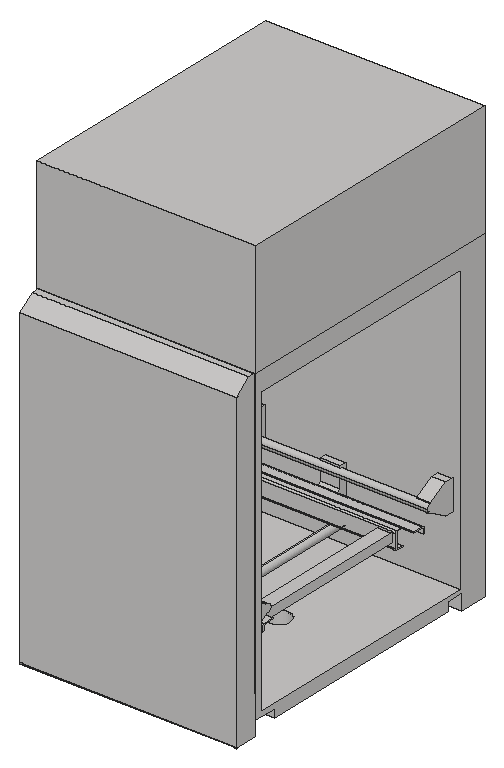
Revit family "QF_ELECTROLUXPROFESSIONAL_535135_NMHABDR5M", category Specialty Equipment, Revit 2023
Family settings
  Round Connector Dimension = Use Diameter
  Part Type = Normal
  Work Plane-Based = No
  Enable Cutting in Views = No
  Always vertical = Yes
  Cut with Voids When Loaded = No
  Maintain Annotation Orientation = No
  Shared = No
  Room Calculation Point = No
Parameters (values of type "NMHDRE56")
  Weight = 52.00 kg
  Watts = 0 W
  Volts = 400 V
  URL Manufacturer = "http://www.electroluxprofessional.com"
  URL = "http://www.electroluxprofessional.com"
  Steam Supply Size = 0 mm
  Steam Supply Minimum Pressure = 0.0 Pa
  Steam Supply Maximum Pressure = 0.0 Pa
  Steam Pounds per Hour = 0
  Show Logo [instance] = yes
  Refrigeration Suction Line Size = 0 mm
  Refrigeration Liquid Line Size = 0 mm
  Refrigerant Compressor Remote = yes
  Manufacturer = "Electrolux Professional"
  Phase = 3
  Model = "NMHABDR5M"
  Length Actual = 560 mm
  Show Clearance [instance] = yes
  Item Number = "535135"
  Hot Water Size = 0 mm
  Height Actual = 1130 mm
  HP = "5.9 HP"
  Gas Size = 0 mm
  Gas KW = 0
  Gas Input Pressure = 0 W
  Direct Waste Size = 50 mm
  Description = "MEDIUM DRYER WITHOUT DOOR (HAB), DUAL RINSE RT, ELECTRIC, 400V/ 3/ 50Hz-MARINE"
  Depth Actual = 795 mm
  Default Elevation = 0 mm
  Cycle = 50 Hz
  Condensate Return Size = 0 mm
  Compressed Air Volume = 0.0 L/s
  Compressed Air Size = 0 mm
  Compressed Air Pressure = 0.0 Pa
  Cold Water Size = 0 mm
  Accessory = no
Types (3): name
  (no name)
  NMHDRE56
  Standard
Reference planes
  plane 1 "Center X": y = -10.242
  plane 2: z = 0
  plane 3 "LEFT": x = -383.563
  plane 4 "RIGHT": x = 176.437
  plane 5 "BACK": y = 388.258
  plane 6 "FEET": z = 150
  plane 7: z = 2095
  plane 8 "BASE": z = 187
  plane 9 "TOP": z = 1785
  plane 10 "FRONT": y = -408.742
  plane 11: y = 311.258
  plane 12 "Medium": z = 775
  plane 13 "DrainX": x = -35.563
Forms (mm)
  Extrusion 1, solid, material "QF_Finishes_Stainless Steel"
    sketch origin (176.437, 479.936, 4000) x (0, 1, 0) y (0, 0, 1)
      loop
        line (-96.678, -2215) -> (-828.678, -2215) -> (-828.678, -2507) -> (-96.678, -2507) -> (-96.678, -2215)
    from -560 to 0
  Extrusion 2, solid, material "QF_Finishes_Stainless Steel"
    sketch origin (-383.563, 437.565, 4000) x (0, 1, 0) y (0, 0, 1)
      loop
        line (-54.307, -2507) -> (-786.307, -2507) -> (-786.307, -3300) -> (-727.307, -3300) -> (-727.307, -3322) -> (-171.307, -3322) -> (-171.307, -3300) -> (-126.307, -3300) -> (-126.307, -3340) -> (-54.307, -3340) -> (-54.307, -2507)
      loop
        line (-129.307, -2557) -> (-769.307, -2557) -> (-769.307, -3290) -> (-129.307, -3290) -> (-129.307, -2557)
    from 560 to 0
  Revolve 3, solid, material "QF_Finishes_Stainless Steel"
    sketch origin (-35.563, 0, 0) x (0, -1, 0) y (0, 0, 1)
      loop
        line (35.242, 613) -> (35.242, 633) -> (40.242, 633) -> (40.242, 663) -> (47.242, 663) -> (47.242, 678) -> (30.242, 678) -> (30.242, 613) -> (35.242, 613)
      axis (10.242, 613) -> (10.242, 678)
    angle from 0 to 360
  Extrusion 4, void
    sketch origin (0, 0, 775) x (-1, 0, 0) y (0, -1, 0)
      loop
        circle (36.563, 10.242) r 30
    from 0 to -97
  Extrusion 5, solid, material "QF_Clearance", detail levels coarse
    sketch origin (516.437, -74.242, 0) x (1, 0, 0) y (0, 1, 0)
      loop
        line (-900, 462.5) -> (-340, 462.5) -> (-340, 512.5) -> (-900, 512.5) -> (-900, 462.5)
    from 659 to 1785
Cuts and joins
  Extrusion 4 cuts Extrusion 2
Lines and regions (mm)
  symbolic lines
    curve 1: line (-383.563, 383.258, 0) -> (176.437, 383.258, 0)
    curve 2: line (-383.563, -348.742, 0) -> (-383.563, 383.258, 0)
    curve 3: line (176.437, -348.742, 0) -> (-383.563, -348.742, 0)
    curve 4: line (176.437, 383.258, 0) -> (176.437, -348.742, 0)
    curve 7: line (-383.563, 383.258, 0) -> (177.437, -348.742, 0)
    curve 8: line (-383.563, -10.242, 0) -> (-358.563, -10.242, 0)
    curve 9: line (176.437, -10.242, 0) -> (151.437, -10.242, 0)
  symbolic lines, style "SpecialityEquipment"
    curve 5: line (176.437, -281.742, 0) -> (-383.563, -281.742, 0)
    curve 6: line (-383.563, 308.258, 0) -> (176.437, 308.258, 0)
  symbolic lines, style "QF_Clearances"
    curve 10: line (-383.563, 438.258, 0) -> (176.437, 438.258, 0)
Dimensions and locks
  plane 3 "LEFT" to plane 4 "RIGHT" = 560 mm
  plane 5 "BACK" to plane 1 "Center X" to plane 10 "FRONT" = 398.5 mm, 398.5 mm
  plane 6 "FEET" to level = 150 mm
  plane 6 "FEET" to plane 9 "TOP" = 1635 mm
  plane 5 "BACK" to plane 10 "FRONT" = 797 mm  (x2)
  plane 4 "RIGHT" to plane 3 "LEFT" = 560 mm
  nested 1 to nested 2 to nested 2 = 732 mm, 60 mm
  plane 12 "Medium" to level = 775 mm
  plane 3 "LEFT" to plane 13 "DrainX" = 348 mm
  aligned and locked: level to plane 2
Nested families
  nested 1: "Basket_Guide+Wash_Arm_22''" at (-514, 0, 0), type "Basket_Guide+Wash_Arm_22''"
  nested 2: "DoorHDryer_22''" at (-453, 0, 0), Show Clearance <- "Show Clearance", type "DoorHDryer_22''"
Connectors
  piping at (-35.563, -10.242, 613), diameter 50
    settings: on Revolve 3, index 1, connector inside diameter 609.6 mm, connector length 0 mm, flow factor 0, pipe flow 0.0 L/s, pressure drop 0.0 Pa, fitting loss kfactor 0, connector angle 0.00°, fixture units 0, engagement length 0 mm, angle of deflection 0.00°, flow configuration 1, flow direction 2, fitting loss method 0, system type 16, joint type 0, gender type 0, connector reference index -1, connector utility 0, adjustable connector no, is connector primary yes, connector description "DRAIN"
Definition of nested family "Basket_Guide+Wash_Arm_22''"
  Parameters
    Default Elevation = 0 mm
  Reference planes
    plane 1: z = 0
    plane 2 "Center Y": x = 409.437
    plane 3 "LEFT": x = 130.437
    plane 4 "BACK": y = 383.258
    plane 5 "FRONT": y = -408.742
    plane 6: z = 150
    plane 7 "TOP": z = 1785
    plane 8: z = 875
    plane 9 "RIGHT": x = 688.437
  Forms (mm)
    Extrusion 1, solid
      sketch origin (243.437, -18.984, 0) x (0, -1, 0) y (0, 0, 1)
        loop
          line (264.703, 929.245) -> (264.703, 907.554) -> (312.758, 879.81) -> (312.758, 956.99) -> (264.703, 929.245)
        loop
          line (-259.187, 929.245) -> (-307.242, 956.99) -> (-327.242, 956.99) -> (-327.242, 879.81) -> (-307.242, 879.81) -> (-259.187, 907.554) -> (-259.187, 929.245)
      from -424 to -388
    Extrusion 2, solid
      sketch origin (293.437, -18.984, 0) x (0, -1, 0) y (0, 0, 1)
        loop
          circle (264.703, 918.4) r 10
        loop
          circle (-259.187, 918.4) r 10
      from -374 to 142
    Extrusion 3, solid
      sketch origin (293.437, -18.984, 0) x (0, -1, 0) y (0, 0, 1)
        loop
          line (-252.564, 858) -> (-252.564, 870.68)
          arc (-252.564, 870.68) -> (-251.884, 872.32) -> (-250.244, 873) r 2.32
          line (-250.244, 873) -> (-222.564, 873) -> (-222.564, 875) -> (-250.244, 875)
          arc (-250.244, 875) -> (-253.299, 873.735) -> (-254.564, 870.68) r 4.32
          line (-254.564, 870.68) -> (-254.564, 858) -> (-252.564, 858)
        loop
          line (258.08, 858) -> (260.08, 858) -> (260.08, 870.68)
          arc (260.08, 870.68) -> (258.815, 873.735) -> (255.76, 875) r 4.32
          line (255.76, 875) -> (228.08, 875) -> (228.08, 873) -> (255.76, 873)
          arc (255.76, 873) -> (257.401, 872.32) -> (258.08, 870.68) r 2.32
          line (258.08, 870.68) -> (258.08, 858)
      from -360 to 128
    Extrusion 4, solid
      sketch origin (293.437, -18.984, 0) x (0, -1, 0) y (0, 0, 1)
        loop
          arc (-216.187, 825.32) -> (-216.866, 823.679) -> (-218.507, 823) r 2.32
          line (-218.507, 823) -> (-236.187, 823) -> (-236.187, 821) -> (-218.507, 821)
          arc (-218.507, 821) -> (-215.452, 822.265) -> (-214.187, 825.32) r 4.32
          line (-214.187, 825.32) -> (-214.187, 861.68)
          arc (-214.187, 861.68) -> (-215.452, 864.735) -> (-218.507, 866) r 4.32
          line (-218.507, 866) -> (-236.187, 866) -> (-236.187, 864) -> (-218.507, 864)
          arc (-218.507, 864) -> (-216.866, 863.32) -> (-216.187, 861.68) r 2.32
          line (-216.187, 861.68) -> (-216.187, 825.32)
        loop
          line (221.703, 825.32) -> (221.703, 861.68)
          arc (221.703, 861.68) -> (222.383, 863.32) -> (224.023, 864) r 2.32
          line (224.023, 864) -> (241.703, 864) -> (241.703, 866) -> (224.023, 866)
          arc (224.023, 866) -> (220.969, 864.735) -> (219.703, 861.68) r 4.32
          line (219.703, 861.68) -> (219.703, 825.32)
          arc (219.703, 825.32) -> (220.969, 822.265) -> (224.023, 821) r 4.32
          line (224.023, 821) -> (241.703, 821) -> (241.703, 823) -> (224.023, 823)
          arc (224.023, 823) -> (222.383, 823.679) -> (221.703, 825.32) r 2.32
      from -320 to 88
    Extrusion 5, solid
      sketch origin (575.437, -18.984, 0) x (0, -1, 0) y (0, 0, 1)
        loop
          line (264.703, 929.245) -> (264.703, 907.554) -> (312.758, 879.81) -> (312.758, 956.99) -> (264.703, 929.245)
        loop
          line (-259.187, 929.245) -> (-307.242, 956.99) -> (-327.242, 956.99) -> (-327.242, 879.81) -> (-307.242, 879.81) -> (-259.187, 907.554) -> (-259.187, 929.245)
      from 424 to 388
    Extrusion 6, solid
      sketch origin (243.437, -18.984, 0) x (0, -1, 0) y (0, 0, 1)
        loop
          line (219.703, 858) -> (-214.187, 858) -> (-214.187, 836) -> (219.703, 836) -> (219.703, 858)
      from -360 to -325
    Extrusion 7, solid
      sketch origin (575.437, -18.984, 0) x (0, -1, 0) y (0, 0, 1)
        loop
          line (219.703, 858) -> (-214.187, 858) -> (-214.187, 836) -> (219.703, 836) -> (219.703, 858)
      from 360 to 325
    Extrusion 8, solid
      sketch origin (409.437, 308.258, 1443) x (0, 0, 1) y (-1, 0, 0)
        loop
          line (-650.516, 7.5) -> (-663.507, 15) -> (-676.497, 7.5) -> (-676.497, -7.5) -> (-663.507, -15) -> (-650.516, -7.5) -> (-650.516, 7.5)
        loop
          line (-22.01, 7.5) -> (-35, 15) -> (-47.99, 7.5) -> (-47.99, -7.5) -> (-35, -15) -> (-22.01, -7.5) -> (-22.01, 7.5)
      from 0 to 30
    Extrusion 9, solid
      sketch origin (409.437, 278.258, 1443) x (0, 0, 1) y (-1, 0, 0)
        loop
          circle (-663.507, 0) r 10
        loop
          circle (-35, 0) r 10
      from 0 to 537.443
    Extrusion 10, solid
      sketch origin (409.437, -38.984, 0) x (0, -1, 0) y (0, 0, 1)
        loop
          line (244.703, 880.8) -> (236.703, 872.8) -> (221.703, 872.8) -> (221.703, 855.89) -> (201.703, 855.89) -> (201.703, 833.698) -> (238.1, 833.698) -> (209.284, 804.882) -> (200.502, 763.596) -> (201.48, 763.388) -> (210.201, 804.385) -> (262.124, 856.308) -> (262.124, 933.4) -> (244.703, 933.4) -> (244.703, 880.8)
        loop
          line (-279.187, 880.8) -> (-279.187, 933.4) -> (-296.608, 933.4) -> (-296.608, 856.308) -> (-273.998, 833.698) -> (-236.187, 833.698) -> (-236.187, 855.89) -> (-256.187, 855.89) -> (-256.187, 872.8) -> (-271.187, 872.8) -> (-279.187, 880.8)
        loop
          line (220.202, 1443) -> (218.202, 1443) -> (218.202, 1420.7) -> (195.852, 1381.988) -> (197.584, 1380.988) -> (220.202, 1420.164) -> (220.202, 1443)
      from -25 to 25
  Cuts and joins
    joined: Extrusion 1, Extrusion 2, Extrusion 3, Extrusion 4, Extrusion 5, Extrusion 6, Extrusion 7, Extrusion 8, Extrusion 9, Extrusion 10
  Dimensions and locks
    plane 3 "LEFT" to plane 9 "RIGHT" = 558 mm
    equal spacing: plane 3 "LEFT", plane 2 "Center Y", plane 9 "RIGHT", locked at 279 each
    plane 7 "TOP" to plane 6 to level = 1635 mm, 150 mm
    plane 4 "BACK" to plane 5 "FRONT" = 792 mm
    aligned and locked: level to plane 1
  Automatic sketch dimensions
    plane 8 to Extrusion 1 sketch curve = 4.81 mm  (x2)
    Extrusion 1 sketch curve to plane 4 "BACK" = 75 mm
    Extrusion 1 sketch curve to Extrusion 1 sketch curve = 20 mm  (x2)
    Extrusion 1 sketch curve to Extrusion 1 sketch curve = 48.055 mm  (x2)
    plane 8 to Extrusion 1 sketch curve = 32.554 mm  (x2)
    plane 5 "FRONT" to Extrusion 1 sketch curve = 125.055 mm
    Extrusion 1 sketch curve to Extrusion 1 sketch curve = 21.691 mm  (x2)
    Extrusion 1 sketch curve to Extrusion 1 sketch curve = 27.745 mm  (x2)
    plane 8 to Extrusion 2 sketch curve = 43.4 mm  (x2)
    Extrusion 2 sketch curve to plane 4 "BACK" = 143.055 mm
    plane 5 "FRONT" to Extrusion 2 sketch curve = 125.055 mm
    Extrusion 3 sketch curve to Extrusion 3 sketch curve = 0 mm  (x4)
    Extrusion 3 sketch curve to plane 8 = 0 mm  (x2)
    Extrusion 3 sketch curve to plane 8 = 4.32 mm  (x2)
    Extrusion 3 sketch curve to plane 4 "BACK" = 147.678 mm
    Extrusion 3 sketch curve to Extrusion 3 sketch curve = 2 mm  (x2)
    Extrusion 3 sketch curve to Extrusion 3 sketch curve = 27.68 mm  (x2)
    plane 5 "FRONT" to Extrusion 3 sketch curve = 161.678 mm
    Extrusion 3 sketch curve to Extrusion 3 sketch curve = 12.68 mm  (x2)
    Extrusion 4 sketch curve to Extrusion 4 sketch curve = 0 mm  (x9)
    Extrusion 4 sketch curve to plane 8 = 9 mm
    Extrusion 4 sketch curve to plane 4 "BACK" = 166.055 mm
    Extrusion 4 sketch curve to Extrusion 4 sketch curve = 17.68 mm  (x4)
    Extrusion 4 sketch curve to Extrusion 4 sketch curve = 2.32 mm  (x3)
    Extrusion 4 sketch curve to Extrusion 4 sketch curve = 2 mm  (x2)
    Extrusion 4 sketch curve to plane 8 = 49.68 mm
    plane 5 "FRONT" to Extrusion 4 sketch curve = 170.055 mm
    Extrusion 4 sketch curve to Extrusion 4 sketch curve = 43 mm
    Extrusion 4 sketch curve to plane 8 = 13.32 mm
    plane 8 to Extrusion 5 sketch curve = 4.81 mm  (x2)
    Extrusion 5 sketch curve to plane 4 "BACK" = 75 mm
    Extrusion 5 sketch curve to Extrusion 5 sketch curve = 20 mm  (x2)
    Extrusion 5 sketch curve to Extrusion 5 sketch curve = 48.055 mm  (x2)
    plane 8 to Extrusion 5 sketch curve = 32.554 mm  (x2)
    plane 5 "FRONT" to Extrusion 5 sketch curve = 125.055 mm
    Extrusion 5 sketch curve to Extrusion 5 sketch curve = 21.691 mm  (x2)
    Extrusion 5 sketch curve to Extrusion 5 sketch curve = 27.745 mm  (x2)
    Extrusion 6 sketch curve to plane 8 = 17 mm
    Extrusion 6 sketch curve to plane 4 "BACK" = 188.055 mm
    Extrusion 6 sketch curve to plane 8 = 39 mm
    plane 5 "FRONT" to Extrusion 6 sketch curve = 170.055 mm
    Extrusion 7 sketch curve to plane 8 = 17 mm
    Extrusion 7 sketch curve to plane 4 "BACK" = 188.055 mm
    Extrusion 7 sketch curve to plane 8 = 39 mm
    plane 5 "FRONT" to Extrusion 7 sketch curve = 170.055 mm
    Extrusion 8 sketch curve to plane 2 "Center Y" = 7.5 mm  (x4)
    Extrusion 8 sketch curve to plane 8 = 108.497 mm
    Extrusion 8 sketch curve to plane 2 "Center Y" = 15 mm  (x2)
    Extrusion 8 sketch curve to Extrusion 8 sketch curve = 12.99 mm  (x6)
    plane 2 "Center Y" to Extrusion 8 sketch curve = 15 mm  (x2)
    Extrusion 8 sketch curve to plane 7 "TOP" = 389.99 mm
    plane 2 "Center Y" to Extrusion 8 sketch curve = 7.5 mm  (x4)
    plane 8 to Extrusion 10 sketch curve = 58.4 mm
    Extrusion 10 sketch curve to plane 4 "BACK" = 125.634 mm
    Extrusion 10 sketch curve to Extrusion 10 sketch curve = 17.421 mm  (x3)
    plane 8 to Extrusion 10 sketch curve = 5.8 mm  (x2)
    Extrusion 10 sketch curve to plane 8 = 41.302 mm  (x2)
    Extrusion 10 sketch curve to Extrusion 10 sketch curve = 22.61 mm
    Extrusion 10 sketch curve to plane 8 = 2.2 mm  (x2)
    Extrusion 10 sketch curve to Extrusion 10 sketch curve = 8 mm  (x2)
    Extrusion 10 sketch curve to Extrusion 10 sketch curve = 15 mm  (x2)
    Extrusion 10 sketch curve to Extrusion 10 sketch curve = 20 mm  (x2)
    plane 5 "FRONT" to Extrusion 10 sketch curve = 173.907 mm
    Extrusion 10 sketch curve to Extrusion 10 sketch curve = 1.732 mm
    plane 5 "FRONT" to Extrusion 10 sketch curve = 169.257 mm
    Extrusion 10 sketch curve to Extrusion 10 sketch curve = 0.978 mm
    Extrusion 10 sketch curve to plane 8 = 19.11 mm
    Extrusion 10 sketch curve to Extrusion 10 sketch curve = 1.202 mm
    Extrusion 10 sketch curve to plane 8 = 70.118 mm
    Extrusion 10 sketch curve to Extrusion 10 sketch curve = 7.581 mm
    Extrusion 10 sketch curve to plane 8 = 70.615 mm
    Extrusion 10 sketch curve to Extrusion 10 sketch curve = 0.916 mm
    Extrusion 10 sketch curve to Extrusion 10 sketch curve = 22.35 mm
    Extrusion 10 sketch curve to Extrusion 10 sketch curve = 2 mm
    Extrusion 10 sketch curve to Extrusion 10 sketch curve = 16.397 mm
    Extrusion 10 sketch curve to Extrusion 10 sketch curve = 0 mm
    Extrusion 10 sketch curve to Extrusion 10 sketch curve = 16.909 mm
    Extrusion 10 sketch curve to plane 8 = 18.692 mm  (x2)
    Extrusion 10 sketch curve to Extrusion 10 sketch curve = 52.6 mm
    Extrusion 10 sketch curve to plane 7 "TOP" = 404.012 mm
    Extrusion 10 sketch curve to Extrusion 10 sketch curve = 1 mm
    Extrusion 10 sketch curve to Extrusion 10 sketch curve = 22.3 mm
    Extrusion 9 sketch curve to Extrusion 8 = 12.99 mm  (x3)
    Extrusion 9 sketch curve to Extrusion 9 sketch curve = 0 mm
    radius of Extrusion 2 sketch curve = 10 mm  (x2)
    radius of Extrusion 9 sketch curve = 10 mm  (x2)
Definition of nested family "DoorHDryer_22''"
  Parameters
    Show Clearance [instance] = yes
    Default Elevation = 0 mm
  Reference planes
    plane 1: z = 0
    plane 2 "Center Y": x = 350.437
    plane 3 "LEFT": x = 70.437
    plane 4 "RIGHT": x = 630.437
    plane 5 "FRONT": y = -408.742
    plane 6: z = 150
    plane 7: y = -348.742
    plane 8: z = 775
  Forms (mm)
    Extrusion 1, solid
      sketch origin (350.437, 0, 0) x (0, 1, 0) y (0, 0, 1)
        loop
          line (-351.742, 1493) -> (-368.817, 1493) -> (-408.742, 1463.413) -> (-408.742, 661.5)
          arc (-408.742, 661.5) -> (-408.01, 659.732) -> (-406.242, 659) r 2.5
          line (-406.242, 659) -> (-348.742, 659) -> (-348.742, 758.131) -> (-351.742, 758.971) -> (-351.742, 1493)
      from -277 to 277
  Lines and regions (mm)
    symbolic lines
      curve 1: line (73.437, -408.742, 1785) -> (73.437, -348.742, 1785)
      curve 2: line (627.437, -408.742, 1785) -> (73.437, -408.742, 1785)
      curve 3: line (627.437, -348.742, 1785) -> (627.437, -408.742, 1785)
  Dimensions and locks
    locked: plane 3 "LEFT" to plane 4 "RIGHT" at 560
    plane 6 to level = 150 mm
    equal spacing: plane 3 "LEFT", plane 2 "Center Y", plane 4 "RIGHT", locked at 280 each
    plane 8 to level = 775 mm
    aligned and locked: level to plane 1
  Automatic sketch dimensions
    curve 1 to plane 7 = 0 mm
    curve 3 to plane 7 = 0 mm
    curve 2 to plane 5 "FRONT" = 0 mm
    plane 3 "LEFT" to curve 2 = 3 mm
    curve 2 to plane 4 "RIGHT" = 3 mm
    Extrusion 1 sketch curve to plane 5 "FRONT" = 0 mm
    Extrusion 1 sketch curve to plane 7 = 0 mm
    Extrusion 1 sketch curve to plane 7 = 20.076 mm
    Extrusion 1 sketch curve to plane 7 = 3 mm
    plane 8 to Extrusion 1 sketch curve = 688.413 mm
    Extrusion 1 sketch curve to Extrusion 1 sketch curve = 29.587 mm
    Extrusion 1 sketch curve to plane 8 = 16.029 mm
    Extrusion 1 sketch curve to Extrusion 1 sketch curve = 0.839 mm
    Extrusion 1 sketch curve to Extrusion 1 sketch curve = 97.471 mm
    Extrusion 1 sketch curve to Extrusion 1 sketch curve = 2.5 mm
